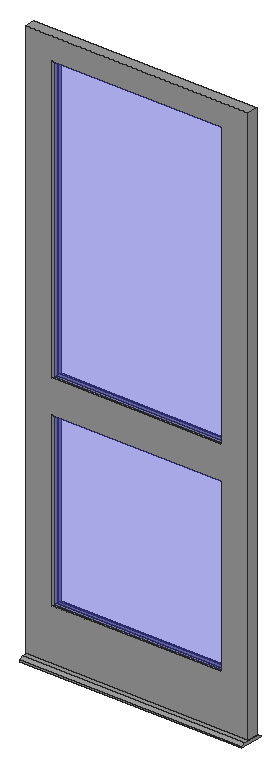
Revit family "MS-375 DOOR-VIP-1-SF_v04", category Doors, Revit 2015
Parameters
  Width [instance] = 3' - 2"
  VIP2 Panic Devices [instance] = not(VIP1 Panic Devices)  # yes
  VIP1 Panic Devices [instance] = no
  URL = "obe.com"
  Rough Width [instance] = 3' - 2"
  Panel Width [instance] = [Min-Max Rough Width]  # 3' - 2"
  Offset [instance] = 0' - 0"
  Model = "MS-375 DOOR"
  Min-Max Rough Width [instance] = if(and((Rough Width > 2' 11 255/256"), (Rough Width < 3' 6 1/256")), Rough Width, 3' 0")  # 3' - 2"
  Manufacturer = "Oldcastle BuildingEnvelope®"
  Keynote = "08 11 00"
  Hinge [instance] = yes
  Height [instance] = 8' - 0"
  Pushbar Height [instance] = 3' - 5 1/4"  # constant formula
  Glass Material = Glass
  Frame Material = Aluminum
  Door Panel Height [instance] = Height + 0' 0 17/32"  # 8' - 0 17/32"
  Description = "MS-375 - 1\" Door Infill"
  Assembly Code = "B2030"
  Analytic Construction = "<None>"
  8 Bottom Rail [instance] = yes
  10 Bottom Rail [instance] = not([8 Bottom Rail])  # no
Reference planes (in)
  plane 1 "Front": y = 0
  plane 2: z = 0
  plane 3 "Center (Left/Right)": x = 0
  plane 4 "Left": x = -19
  plane 5 "Right": x = 19
  plane 6 "Top": z = 96
  plane 7: x = -19
  plane 8: x = 19
Text (in)
  text "Exterior" at (-54.29358, 31.38743, 0), in view "Ref. Level"
  text "Exterior" at (480, 41.53993, 89.60405), in view "Right"
  text "Exterior" at (-240, 57.82419, 105.78864), in view "Left"
Dimensions and locks (in)
  equal spacing: plane 4 "Left", plane 3 "Center (Left/Right)", plane 5 "Right"
  "Width": plane 4 "Left" to plane 5 "Right"
  "Height": plane 6 "Top" to plane 2
  equal spacing: plane 7, plane 3 "Center (Left/Right)", plane 8
  "Min-Max Rough Width": plane 7 to plane 8
  aligned and locked: level to plane 2
  aligned and locked: plane 3 "Center (Left/Right)" to nested 1
  aligned and locked: plane 1 "Front" to nested 1
Nested families (in)
  nested 1: "MS-375 DOOR-VIP-1-Panel_v03" at (0, -16, 0), Frame Material <- "Frame Material", Glass Material <- "Glass Material", Hinge <- "Hinge", 8 Bottom Rail <- "8 Bottom Rail", VIP2 Panic Devices <- "VIP2 Panic Devices", Height <- "Door Panel Height", Width <- "Min-Max Rough Width", Offset <- "Offset", type "MS-375 DOOR-1-Panel"
    with built-in parameter 1001301 3' - 2", VIP2 Panic Devices yes, VIP1 Panic Devices no, Pushbar Height 3' - 5 1/4", Offset 0' - 0", Hinge yes, built-in parameter 1001300 8' - 0 17/32", Glass at Muntin 0' - 4 15/16", Glass Material Glass, Frame Material Aluminum, Bottom Rail 0' - 9 5/32", 8 Bottom Rail yes, 10 Bottom Rail no
Definition of nested family "MS-375 DOOR-VIP-1-Panel_v03"
  Parameters (values of type "MS-375 DOOR-1-Panel")
    Width [instance] = 4' - 0"
    VIP2 Panic Devices [instance] = no
    VIP1 Panic Devices [instance] = not(VIP2 Panic Devices)  # yes
    Offset [instance] = 0' - 11"
    Hinge [instance] = yes
    Height [instance] = 8' - 0"
    Glass at Muntin [instance] = if(VIP2 Panic Devices, 0' 4 15/16", 0' 8 15/16")  # 0' - 8 15/16"
    Pushbar Height [instance] = 3' - 5 1/4"  # constant formula
    Glass Material [instance] = none
    Frame Material [instance] = none
    Bottom Rail [instance] = if([10 Bottom Rail], 0' 11 5/32", 0' 9 5/32")  # 0' - 9 5/32"
    8 Bottom Rail [instance] = yes
    10 Bottom Rail [instance] = not([8 Bottom Rail])  # no
  Reference planes (in)
    plane 1 "00": y = 4.0625
    plane 2: z = 0
    plane 3 "Center (Left/Right)": x = 0
    plane 4: z = 96
    plane 5: x = 24
    plane 6: x = -24
    plane 7 "Center (Front/Back)": y = 16
    plane 8 "Exterior": y = 4.5625
    plane 9: z = 48
    plane 10: z = 92.96875
    plane 11: z = 92
    plane 12: z = 9.15625
    plane 13: z = 36.78125
    plane 14: z = 45.71875
    plane 15 "Offset": y = 5
    plane 16: z = 41.25
  Forms (in)
    Sweep 1, solid, material <- "Frame Material"
      path origin (0, 4.0625, 0) x (1, 0, 0) y (0, 0, 1)
        loop
          line (-23.79246, 96) -> (23.80279, 96)
      profile origin (0.00517, 4.0625, 96) x (0, 0, 1) y (0, -1, 0)
        loop
          line (-0.5, -0.875) -> (-0.5, 0.875) -> (-2.74593, 0.875) -> (-4.28125, 0.875) -> (-4.28125, 0.5) -> (-4, 0.5) -> (-4, -0.5) -> (-4.28125, -0.5) -> (-4.28125, -0.875) -> (-2.74593, -0.875) -> (-0.5, -0.875)
    Sweep 2, solid, material <- "Frame Material"
      path origin (0, 4.0625, 0) x (1, 0, 0) y (0, 0, 1)
        loop
          line (23.80279, 0) -> (-23.79246, 0)
      profile origin (0.00517, 4.0625, 0) x (0, 0, -1) y (0, -1, 0)
        loop
          line (-9.4375, -0.5) -> (-9.4375, -0.875) -> (-0.6875, -0.875) -> (-0.6875, 0.875) -> (-9.4375, 0.875) -> (-9.4375, 0.5) -> (-9.15625, 0.5) -> (-9.15625, -0.5) -> (-9.4375, -0.5)
        loop
          line (-0.5, -1.1555) -> (-0.19364, -1.8125) -> (-0.00001, -1.8125) -> (-0.00001, 2.1875) -> (-0.19364, 2.1875) -> (-0.5, 1.5305) -> (-0.5, -1.1555)
    Sweep 3, solid, material <- "Frame Material"
      path origin (0, 4.0625, 0) x (1, 0, 0) y (0, 0, 1)
        loop
          line (24, 95.5) -> (24, 0.6875)
      profile origin (24, 4.0625, 48.09375) x (0, -1, 0) y (1, 0, 0)
        loop
          line (-0.875, -0.08821) -> (-0.875, -2.20914) -> (-0.875, -4.58821) -> (-0.5, -4.58821) -> (-0.5, -4.30696) -> (0.5, -4.30696) -> (0.5, -4.58821) -> (0.875, -4.58821) -> (0.875, -2.20914) -> (0.875, -0.19721) -> (-0.875, -0.08821)
    Sweep 4, solid, material <- "Frame Material"
      path origin (0, 4.0625, 0) x (1, 0, 0) y (0, 0, 1)
        loop
          line (-24, 95.5) -> (-24, 0.6875)
      profile origin (-24, 4.0625, 48.09375) x (0, -1, 0) y (1, 0, 0)
        loop
          line (-0.875, 0.09854) -> (0.875, 0.20754) -> (0.875, 2.21947) -> (0.875, 4.59854) -> (0.5, 4.59854) -> (0.5, 4.31729) -> (-0.5, 4.31729) -> (-0.5, 4.59854) -> (-0.875, 4.59854) -> (-0.875, 2.21947) -> (-0.875, 0.09854)
    Sweep 5, solid, material <- "Frame Material"
      path origin (0, 4.0625, 0) x (1, 0, 0) y (0, 0, 1)
        loop
          line (23.80279, 48) -> (-23.79246, 48)
      profile origin (0.00517, 4.0625, 48) x (0, 0, -1) y (0, -1, 0)
        loop
          line (7.5, -0.875) -> (11.5, -0.875) -> (11.5, -0.5) -> (11.21875, -0.5) -> (11.21875, 0.5) -> (11.5, 0.5) -> (11.5, 0.875) -> (7.5, 0.875) -> (2, 0.875) -> (2, 0.5) -> (2.28125, 0.5) -> (2.28125, -0.5) -> (2, -0.5) -> (2, -0.875) -> (7.5, -0.875)
    Extrusion 6, solid, material <- "Glass Material", detail levels coarse
      sketch origin (0, 0, 0) x (1, 0, 0) y (0, 1, 0)
        loop
          line (-19.68271, 4.5625) -> (-19.68271, 3.5625) -> (19.69304, 3.5625) -> (19.69304, 4.5625) -> (-19.68271, 4.5625)
      from 45.71875 to 92
    Extrusion 7, solid, material <- "Glass Material", detail levels medium+fine
      sketch origin (0, 0, 0) x (1, 0, 0) y (0, 1, 0)
        loop
          line (-19.68271, 3.5912) -> (19.69304, 3.5912) -> (19.69304, 3.8392) -> (-19.68271, 3.8392) -> (-19.68271, 3.5912)
        loop
          line (19.69304, 4.5912) -> (-19.68271, 4.5912) -> (-19.68271, 4.3432) -> (19.69304, 4.3432) -> (19.69304, 4.5912)
      from 45.71875 to 92
    Extrusion 8, solid, material <- "Glass Material", detail levels coarse
      sketch origin (0, 0, 0) x (1, 0, 0) y (0, 1, 0)
        loop
          line (-19.68271, 4.5625) -> (-19.68271, 3.5625) -> (19.69304, 3.5625) -> (19.69304, 4.5625) -> (-19.68271, 4.5625)
      from 9.15625 to 36.78125
    Extrusion 9, solid, material <- "Glass Material", detail levels medium+fine
      sketch origin (0, 0, 0) x (1, 0, 0) y (0, 1, 0)
        loop
          line (-19.68271, 4.5625) -> (-19.68271, 4.3145) -> (19.69304, 4.3145) -> (19.69304, 4.5625) -> (-19.68271, 4.5625)
        loop
          line (-19.68271, 3.8105) -> (-19.68271, 3.5625) -> (19.69304, 3.5625) -> (19.69304, 3.8105) -> (-19.68271, 3.8105)
      from 9.15625 to 36.78125
  Cuts and joins
    joined: Sweep 1, Sweep 2, Sweep 3, Sweep 4, Sweep 5
  Lines and regions (in)
    model lines
      curve 1: line (19.41179, 4.5625, 91.71875) -> (-19.40146, 4.5625, 48)
      curve 2: line (19.41179, 4.5625, 9.4375) -> (-19.40146, 4.5625, 48)
  Dimensions and locks (in)
    "Width": plane 6 to plane 5
    "Offset": plane 15 "Offset" to plane 7 "Center (Front/Back)"
    equal spacing: level, plane 9, plane 4
    locked: Sweep 2 sketch curve to plane 6 at 0.20754
    locked: plane 5 to Sweep 2 sketch curve at 0.19721
    locked: Sweep 3 sketch curve to plane 4 at 0.5
    locked: Sweep 4 sketch curve to plane 4 at 0.5
    locked: Sweep 1 sketch curve to plane 6 at 0.20754
    locked: plane 5 to Sweep 1 sketch curve at 0.19721
    locked: plane 5 to Sweep 5 sketch curve at 0.19721
    locked: Sweep 5 sketch curve to plane 6 at 0.20754
    locked: plane 4 to plane 10 at 3.03125
    Extrusion 7 sketch curve to Extrusion 7 sketch curve to nested 1 to Extrusion 7 sketch curve to Extrusion 7 sketch curve = 0' - 0.248" locked, 0' - 0.252" locked, 0' - 0.252" locked, 0' - 0.248" locked
    Extrusion 6 sketch curve to plane 1 "00" to Extrusion 6 sketch curve = 0' - 0 1/2" locked, 0' - 0 1/2" locked
    Extrusion 8 sketch curve to plane 1 "00" to Extrusion 8 sketch curve = 0' - 0 1/2" locked, 0' - 0 1/2" locked
    Extrusion 9 sketch curve to Extrusion 9 sketch curve to plane 1 "00" to Extrusion 9 sketch curve to Extrusion 9 sketch curve = 0' - 0.248" locked, 0' - 0.252" locked, 0' - 0.252" locked, 0' - 0.248" locked
    "Glass at Muntin": plane 13 to plane 14
    locked: plane 11 to plane 4 at 4
    "Bottom Rail": plane 12 to plane 2
    "Height": plane 4 to plane 2
    locked: plane 14 to Sweep 5 sketch curve at 0.28125  (x2)
    locked: plane 12 to Sweep 2 sketch curve at 0.28125  (x2)
    locked: Sweep 5 sketch curve to plane 13 at 0.28125  (x2)
    equal spacing: plane 6, plane 3 "Center (Left/Right)", plane 5
    plane 1 "00" to plane 8 "Exterior" to plane 15 "Offset" = 0' - 0 1/2" locked, 0' - 0 7/16" locked
    equal spacing: plane 13, plane 16, plane 14
    "Pushbar Height": plane 16 to plane 2
    locked: plane 1 "00" to nested 1 at 0.0287
    locked: Sweep 4 sketch curve to plane 2 at 0.6875
    locked: Sweep 3 sketch curve to plane 2 at 0.6875
    aligned and locked: plane 2 to level
    aligned and locked: Sweep 1 sketch curve to plane 4
    aligned and locked: Sweep 2 sketch curve to level
    aligned and locked: level to nested 2
    aligned and locked: nested 2 to plane 1 "00"
    aligned and locked: plane 5 to Sweep 3 sketch curve
    aligned and locked: plane 6 to Sweep 4 sketch curve
    aligned and locked: Sweep 5 sketch curve to plane 9
    aligned and locked: Extrusion 7 to plane 11
    aligned and locked: Extrusion 6 to plane 11
    aligned and locked: plane 14 to Extrusion 7
    aligned and locked: plane 14 to Extrusion 6
    aligned and locked: Extrusion 8 to plane 13
    aligned and locked: Extrusion 9 to plane 13
    aligned and locked: plane 12 to Extrusion 9
    aligned and locked: plane 12 to Extrusion 8
    aligned and locked: plane 13 to cut or joined group of Sweep 1, Sweep 2, Sweep 3, Sweep 4, Sweep 5
    aligned and locked: plane 14 to Sweep 5 sketch curve
    aligned and locked: Sweep 5 sketch curve to plane 13
    aligned and locked: plane 12 to Sweep 2 sketch curve
    aligned and locked: cut or joined group of Sweep 1, Sweep 2, Sweep 3, Sweep 4, Sweep 5 to Extrusion 6
    aligned and locked: plane 3 "Center (Left/Right)" to nested 1
  Automatic sketch dimensions
    plane 1 "00" to Sweep 1 sketch curve = 0' - 0 1/2"
    Sweep 1 sketch curve to plane 1 "00" = 0' - 0 1/2"
    Sweep 1 sketch curve to Sweep 1 sketch curve = 0' - 0 9/32"
    Sweep 1 sketch curve to Sweep 1 sketch curve = 0' - 1.25407"  (x2)
    profile plane to Sweep 1 sketch curve = 0' - 0 1/2"
    Sweep 1 sketch curve to plane 1 "00" = 0' - 0 7/8"
    Sweep 1 sketch curve to Sweep 1 sketch curve = 0' - 0 3/8"
    plane 1 "00" to Sweep 2 sketch curve = 0' - 0 7/8"
    profile plane to Sweep 2 sketch curve = 0' - 0 1/2"
    profile plane to Sweep 2 sketch curve = 0' - 0.19364"  (x2)
    profile plane to Sweep 2 sketch curve = 0' - 0"
    Sweep 2 sketch curve to Sweep 2 sketch curve = 0' - 0 3/8"
    Sweep 2 sketch curve to plane 1 "00" = 0' - 0 1/2"
    Sweep 2 sketch curve to plane 1 "00" = 0' - 0 7/8"
    Sweep 2 sketch curve to Sweep 2 sketch curve = 0' - 0.657"  (x2)
    Sweep 2 sketch curve to Sweep 2 sketch curve = 0' - 0.6555"
    Sweep 3 sketch curve to plane 1 "00" = 0' - 0 7/8"
    Sweep 3 sketch curve to Sweep 3 sketch curve = 0' - 0 3/8"  (x2)
    plane 1 "00" to Sweep 3 sketch curve = 0' - 0 1/2"
    profile plane to Sweep 3 sketch curve = 0' - 4.58821"
    Sweep 3 sketch curve to Sweep 3 sketch curve = 0' - 0"  (x2)
    Sweep 3 sketch curve to Sweep 3 sketch curve = 0' - 0 9/32"
    Sweep 3 sketch curve to Sweep 3 sketch curve = 0' - 2.09782"
    profile plane to Sweep 3 sketch curve = 0' - 0.19721"
    profile plane to Sweep 3 sketch curve = 0' - 0.08821"
    Sweep 1 sketch curve to Sweep 1 sketch curve = 0' - 0"
    Sweep 1 sketch curve to Sweep 1 sketch curve = 0' - 2.24593"
    Sweep 4 sketch curve to plane 1 "00" = 0' - 0 7/8"
    Sweep 4 sketch curve to Sweep 4 sketch curve = 0' - 0 3/8"
    plane 1 "00" to Sweep 4 sketch curve = 0' - 0 1/2"
    plane 1 "00" to Sweep 4 sketch curve = 0' - 0 7/8"
    Sweep 4 sketch curve to profile plane = 0' - 0.09854"
    Sweep 4 sketch curve to profile plane = 0' - 0.20754"
    Sweep 4 sketch curve to Sweep 4 sketch curve = 0' - 2.12093"
    Sweep 4 sketch curve to Sweep 4 sketch curve = 0' - 0"
    Sweep 4 sketch curve to Sweep 4 sketch curve = 0' - 2.09782"
    Sweep 4 sketch curve to Sweep 4 sketch curve = 0' - 0 9/32"  (x2)
    Sweep 5 sketch curve to plane 1 "00" = 0' - 0 7/8"
    Sweep 5 sketch curve to Sweep 5 sketch curve = 0' - 3 23/32"
    plane 1 "00" to Sweep 5 sketch curve = 0' - 0 7/8"
    Sweep 5 sketch curve to Sweep 5 sketch curve = 0' - 0"
    Sweep 5 sketch curve to Sweep 5 sketch curve = 0' - 0 3/8"  (x4)
    plane 6 to Extrusion 6 sketch curve = 0' - 4.31729"
    Extrusion 6 sketch curve to plane 5 = 0' - 4.30696"
    plane 6 to Extrusion 7 sketch curve = 0' - 4.31729"
    Extrusion 7 sketch curve to Extrusion 7 sketch curve = 0' - 0"  (x2)
    Extrusion 7 sketch curve to plane 5 = 0' - 4.30696"
    plane 6 to Extrusion 8 sketch curve = 0' - 4.31729"
    Extrusion 8 sketch curve to plane 5 = 0' - 4.30696"
    plane 6 to Extrusion 9 sketch curve = 0' - 4.31729"
    Extrusion 9 sketch curve to Extrusion 9 sketch curve = 0' - 0"  (x2)
    Extrusion 9 sketch curve to plane 5 = 0' - 4.30696"
    curve 1 to plane 9 = 0' - 0"
    plane 6 to curve 1 = 0' - 4.59854"
    curve 2 to plane 12 = 0' - 0 9/32"
    curve 2 to plane 5 = 0' - 4.58821"
    plane 11 to curve 1 = 0' - 0 9/32"
    curve 1 to plane 5 = 0' - 4.58821"
    Sweep 2 sketch curve to Sweep 2 sketch curve = 0' - 0 3/16"
    Sweep 2 sketch curve to Sweep 2 sketch curve = 0' - 0.2805"
  Nested families (in)
    nested 1: "MS-375 DOOR-VIP-1-Plan View" at (0, 4.0912, 0), Hinge <- "Hinge", Width <- "Width", type "MS-375 DOOR-VIP-1-Plan View"
      with Width 4' - 0", Hinge yes
    nested 2: "MS-375 DOOR-VIP-1-Section_v02" at (0, 4.0625, 0) x (0, -1, 0) z (1, 0, 0), Height <- "Height", 8 Bottom Rail <- "8 Bottom Rail", VIP 1 Panic Devices <- "VIP1 Panic Devices", type "MS-375 DOOR-VIP-1-Section_v02"
      with VIP 2 Panic Devices no, VIP 1 Panic Devices yes, Pushbar Height 3' - 5 1/4", Height 8' - 0", Glass at Muntins 0' - 8 15/16", Bottom Rail 0' - 9 5/32", 8 Bottom Rail yes, 10 Bottom Rail no
  Definition of nested family "MS-375 DOOR-VIP-1-Plan View"
    Parameters (values of type "MS-375 DOOR-VIP-1-Plan View")
      Width [instance] = 4' - 0"
      Hinge [instance] = yes
    Reference planes (in)
      plane 1 "Center (Front/Back)": y = 0
      plane 2: z = 0
      plane 3 "Center (Left/Right)": x = 0
      plane 4: x = -24
      plane 5: x = 24
      plane 6: x = 22.68437
      plane 7: y = 48
    Lines and regions (in)
      detail lines, in view "Ref. Level"
        curve 1: arc (-23.98978, -0.97462, 0) -> (-10.44661, 33.42753, 0) -> (23.53345, 47.99741, 0) r 47.99968
        curve 6: line (22.18437, 43.6803, 0) -> (22.18437, 5.66175, 0)
        curve 15: line (23.18437, 43.6803, 0) -> (23.18437, 5.66175, 0)
      detail lines, in view "Ref. Level", not visible
        curve 2: line (-19.6875, 0.5, 0) -> (19.68825, 0.5, 0)
        curve 3: line (19.68825, 0.252, 0) -> (-19.6875, 0.252, 0)
        curve 4: line (-19.6875, -0.252, 0) -> (19.68825, -0.252, 0)
        curve 5: line (19.68825, -0.5, 0) -> (-19.6875, -0.5, 0)
      detail lines, in view "Ref. Level", detail levels fine
        curve 7: line (22.24637, 43.6803, 0) -> (22.24637, 5.66175, 0)
        curve 8: line (22.30837, 43.6803, 0) -> (22.30837, 5.66175, 0)
        curve 9: line (22.37037, 43.6803, 0) -> (22.37037, 5.66175, 0)
        curve 12: line (22.99837, 43.6803, 0) -> (22.99837, 5.66175, 0)
        curve 13: line (23.06037, 43.6803, 0) -> (23.06037, 5.66175, 0)
        curve 14: line (23.12237, 43.6803, 0) -> (23.12237, 5.66175, 0)
      detail lines, in view "Ref. Level", detail levels medium+fine
        curve 10: line (22.43237, 43.6803, 0) -> (22.43237, 5.66175, 0)
        curve 11: line (22.93637, 43.6803, 0) -> (22.93637, 5.66175, 0)
    Dimensions and locks (in)
      "Width": plane 4 to plane 5
      equal spacing: plane 4, plane 3 "Center (Left/Right)", plane 5
      locked: plane 5 to plane 6 at 1.31563
      "Width": plane 7 to plane 1 "Center (Front/Back)"
      locked: plane 1 "Center (Front/Back)" to nested 3 at 0.9
      locked: plane 5 to nested 4 at 2.25
      locked: nested 5 to plane 4 at 2.24925
      locked: nested 2 to plane 7 at 2.24205
      locked: plane 5 to nested 1 at 2.25
      aligned and locked: nested 1 to plane 1 "Center (Front/Back)"
      aligned and locked: nested 2 to plane 6
      aligned and locked: plane 6 to nested 3
      aligned and locked: nested 5 to plane 1 "Center (Front/Back)"
      aligned and locked: plane 1 "Center (Front/Back)" to nested 4
      aligned and locked: nested 2 to curve 11
      aligned and locked: nested 2 to curve 12
      aligned and locked: nested 2 to curve 13
      aligned and locked: nested 2 to curve 14
      aligned and locked: nested 2 to curve 15
      aligned and locked: nested 2 to curve 10
      aligned and locked: nested 2 to curve 9
      aligned and locked: nested 2 to curve 8
      aligned and locked: nested 2 to curve 7
      aligned and locked: curve 6 to nested 2
      aligned and locked: nested 3 to curve 10
      aligned and locked: nested 3 to curve 9
      aligned and locked: nested 3 to curve 8
      aligned and locked: nested 3 to curve 7
      aligned and locked: curve 6 to nested 3
      aligned and locked: nested 3 to curve 11
      aligned and locked: nested 3 to curve 12
      aligned and locked: nested 3 to curve 13
      aligned and locked: nested 3 to curve 14
      aligned and locked: nested 3 to curve 15
      aligned and locked: nested 4 to curve 2
      aligned and locked: nested 4 to curve 3
      aligned and locked: nested 4 to curve 4
      aligned and locked: curve 5 to nested 4
      aligned and locked: nested 5 to curve 2
      aligned and locked: nested 5 to curve 3
      aligned and locked: nested 5 to curve 4
      aligned and locked: curve 5 to nested 5
    Automatic sketch dimensions
      plane 1 "Center (Front/Back)" to curve 1 = 0' - 0"
      curve 1 to plane 5 = 0' - 0"
      plane 4 to curve 1 = 0' - 0.01022"
      plane 6 to curve 6 = 0' - 0 1/2"
      curve 6 to curve 7 = 0' - 0.062"
      curve 7 to curve 8 = 0' - 0.062"
      curve 8 to curve 9 = 0' - 0.062"
      curve 9 to curve 10 = 0' - 0.062"
      curve 11 to plane 6 = 0' - 0.252"
      curve 11 to curve 12 = 0' - 0.062"
      curve 12 to curve 13 = 0' - 0.062"
      curve 13 to curve 14 = 0' - 0.062"
      curve 14 to curve 15 = 0' - 0.062"
      curve 1 to plane 7 = 0' - 0.00259"
      curve 1 to plane 5 = 0' - 0.46655"
      plane 1 "Center (Front/Back)" to curve 4 = 0' - 0.252"
      curve 5 to curve 4 = 0' - 0.248"
      curve 3 to plane 1 "Center (Front/Back)" = 0' - 0.252"
      curve 3 to curve 2 = 0' - 0.248"
    Nested families (in)
      nested 1: "HINGE-DI" at (26.25, 0, 0) x (-1, 0, 0) z (0, 0, 1), visible <- "Hinge", type "HINGE-DI", in view "Ref. Level"
      nested 2: "HINGE-HD-DI" at (22.68437, 50.24205, 0) x (0, 1, 0) z (0, 0, 1), type "HINGE-HD-DI", in view "Ref. Level"
      nested 3: "HINGE-HD-DI" at (22.68437, -0.9, 0) x (0, -1, 0) z (0, 0, 1), type "HINGE-HD-DI", in view "Ref. Level"
      nested 4: "HINGE-HD-DI" at (26.25, 0, 0), type "HINGE-HD-DI", in view "Ref. Level", not visible
      nested 5: "HINGE-HD-DI" at (-26.24925, 0, 0) x (-1, 0, 0) z (0, 0, 1), type "HINGE-HD-DI", in view "Ref. Level", not visible
    Definition of nested family "HINGE-DI"
      Reference planes (in)
        plane 1 "Center (Front/Back)": y = 0
        plane 2: z = 0
        plane 3 "Center (Left/Right)": x = 0
    Definition of nested family "HINGE-HD-DI"
      Reference planes (in)
        plane 1 "Center (Front/Back)": y = 0
        plane 2: z = 0
        plane 3 "Center (Left/Right)": x = 0
      Lines and regions (in)
        detail lines, in view "Ref. Level"
          curve 1: line (-2.452, 0.875, 0) -> (-6.843, 0.875, 0)
          curve 2: line (-6.843, 0.875, 0) -> (-6.843, 0.5, 0)
          curve 3: line (-6.843, 0.5, 0) -> (-6.56175, 0.5, 0)
          curve 4: line (-6.56175, 0.5, 0) -> (-6.56175, -0.5, 0)
          curve 5: line (-6.56175, -0.5, 0) -> (-6.843, -0.5, 0)
          curve 6: line (-6.843, -0.5, 0) -> (-6.843, -0.875, 0)
          curve 7: line (-6.843, -0.875, 0) -> (-2.343, -0.875, 0)
          curve 8: line (-2.343, -0.875, 0) -> (-2.452, 0.875, 0)
  Definition of nested family "MS-375 DOOR-VIP-1-Section_v02"
    Parameters (values of type "MS-375 DOOR-VIP-1-Section_v02")
      VIP 2 Panic Devices [instance] = not(VIP 1 Panic Devices)  # no
      VIP 1 Panic Devices [instance] = yes
      Height [instance] = 8' - 0"
      Glass at Muntins [instance] = if(VIP 2 Panic Devices, 0' 4 15/16", 0' 8 15/16")  # 0' - 8 15/16"
      Pushbar Height [instance] = 3' - 5 1/4"  # constant formula
      Bottom Rail [instance] = if([10 Bottom Rail], 0' 11 5/32", 0' 9 5/32")  # 0' - 11 5/32"
      10 Bottom Rail [instance] = not([8 Bottom Rail])  # yes
      8 Bottom Rail [instance] = no
    Reference planes (in)
      plane 1 "Center (Front/Back)": y = 0
      plane 2: z = 0
      plane 3 "Center (Left/Right)": x = 0
      plane 4: y = 11.15625
      plane 5: y = 91.99987
      plane 6: y = 96
      plane 7: y = 45.71875
      plane 8: y = 36.78125
      plane 9: y = 46
      plane 10: y = 41.25
      plane 11: y = 44
    Lines and regions (in)
      detail lines, in view "Ref. Level"
        curve 1: line (-0.5, 91.99987, 0) -> (-0.5, 45.71875, 0)
        curve 10: line (0.5, 91.99987, 0) -> (0.5, 45.71875, 0)
        curve 11: line (-0.5, 36.78125, 0) -> (-0.5, 11.15625, 0)
        curve 20: line (0.5, 36.78125, 0) -> (0.5, 11.15625, 0)
      detail lines, in view "Ref. Level", detail levels fine
        curve 2: line (-0.438, 91.99987, 0) -> (-0.438, 45.71875, 0)
        curve 3: line (-0.376, 91.99987, 0) -> (-0.376, 45.71875, 0)
        curve 4: line (-0.314, 91.99987, 0) -> (-0.314, 45.71875, 0)
        curve 7: line (0.314, 91.99987, 0) -> (0.314, 45.71875, 0)
        curve 8: line (0.376, 91.99987, 0) -> (0.376, 45.71875, 0)
        curve 9: line (0.438, 91.99987, 0) -> (0.438, 45.71875, 0)
        curve 12: line (-0.438, 36.78125, 0) -> (-0.438, 11.15625, 0)
        curve 13: line (-0.376, 36.78125, 0) -> (-0.376, 11.15625, 0)
        curve 14: line (-0.314, 36.78125, 0) -> (-0.314, 11.15625, 0)
        curve 17: line (0.314, 36.78125, 0) -> (0.314, 11.15625, 0)
        curve 18: line (0.376, 36.78125, 0) -> (0.376, 11.15625, 0)
        curve 19: line (0.438, 36.78125, 0) -> (0.438, 11.15625, 0)
      detail lines, in view "Ref. Level", detail levels medium+fine
        curve 5: line (-0.252, 91.99987, 0) -> (-0.252, 45.71875, 0)
        curve 6: line (0.252, 91.99987, 0) -> (0.252, 45.71875, 0)
        curve 15: line (-0.252, 36.78125, 0) -> (-0.252, 11.15625, 0)
        curve 16: line (0.252, 36.78125, 0) -> (0.252, 11.15625, 0)
    Dimensions and locks (in)
      "Bottom Rail": plane 4 to plane 1 "Center (Front/Back)"
      "Height": plane 6 to plane 1 "Center (Front/Back)"
      "Glass at Muntins": plane 8 to plane 7
      nested 1 to plane 6 to plane 5 = 0' - 3.09362" locked, 0' - 4.00013" locked
      equal spacing: plane 8, plane 10, plane 7
      "Pushbar Height": plane 1 "Center (Front/Back)" to plane 10
      plane 10 to plane 11 to plane 9 = 0' - 2 3/4" locked, 0' - 2" locked
      aligned and locked: plane 3 "Center (Left/Right)" to nested 1
      aligned and locked: plane 3 "Center (Left/Right)" to nested 2
      aligned and locked: plane 3 "Center (Left/Right)" to nested 3
      aligned and locked: plane 3 "Center (Left/Right)" to nested 4
      aligned and locked: plane 3 "Center (Left/Right)" to nested 5
      aligned and locked: plane 1 "Center (Front/Back)" to nested 2
      aligned and locked: plane 5 to curve 1
      aligned and locked: plane 5 to curve 2
      aligned and locked: plane 5 to curve 3
      aligned and locked: plane 5 to curve 4
      aligned and locked: plane 5 to curve 5
      aligned and locked: plane 5 to curve 6
      aligned and locked: plane 5 to curve 7
      aligned and locked: plane 5 to curve 8
      aligned and locked: plane 5 to curve 9
      aligned and locked: plane 5 to curve 10
      aligned and locked: plane 7 to curve 1
      aligned and locked: plane 7 to curve 2
      aligned and locked: plane 7 to curve 3
      aligned and locked: plane 7 to curve 4
      aligned and locked: plane 7 to curve 5
      aligned and locked: plane 7 to curve 6
      aligned and locked: plane 7 to curve 7
      aligned and locked: plane 7 to curve 8
      aligned and locked: plane 7 to curve 9
      aligned and locked: plane 7 to curve 10
      aligned and locked: plane 4 to curve 11
      aligned and locked: plane 4 to curve 12
      aligned and locked: plane 4 to curve 13
      aligned and locked: plane 4 to curve 14
      aligned and locked: plane 4 to curve 15
      aligned and locked: plane 4 to curve 16
      aligned and locked: plane 4 to curve 17
      aligned and locked: plane 4 to curve 18
      aligned and locked: plane 4 to curve 19
      aligned and locked: plane 4 to curve 20
      aligned and locked: plane 8 to curve 20
      aligned and locked: plane 8 to curve 19
      aligned and locked: plane 8 to curve 18
      aligned and locked: plane 8 to curve 17
      aligned and locked: plane 8 to curve 16
      aligned and locked: plane 8 to curve 15
      aligned and locked: plane 8 to curve 14
      aligned and locked: plane 8 to curve 13
      aligned and locked: plane 8 to curve 12
      aligned and locked: plane 8 to curve 11
      aligned and locked: plane 5 to nested 1  (x11)
      aligned and locked: plane 1 "Center (Front/Back)" to nested 3
      aligned and locked: plane 9 to nested 4
      aligned and locked: plane 11 to nested 5
    Automatic sketch dimensions
      curve 1 to plane 3 "Center (Left/Right)" = 0' - 0 1/2"
      curve 11 to plane 3 "Center (Left/Right)" = 0' - 0 1/2"
      curve 1 to curve 2 = 0' - 0.062"
      curve 11 to curve 12 = 0' - 0.062"
      curve 2 to curve 3 = 0' - 0.062"
      curve 12 to curve 13 = 0' - 0.062"
      curve 13 to curve 14 = 0' - 0.062"
      curve 3 to curve 4 = 0' - 0.062"
      curve 4 to curve 5 = 0' - 0.062"
      curve 14 to curve 15 = 0' - 0.062"
      plane 3 "Center (Left/Right)" to curve 6 = 0' - 0.252"
      plane 3 "Center (Left/Right)" to curve 16 = 0' - 0.252"
      curve 6 to curve 7 = 0' - 0.062"
      curve 16 to curve 17 = 0' - 0.062"
      curve 17 to curve 18 = 0' - 0.062"
      curve 7 to curve 8 = 0' - 0.062"
      curve 8 to curve 9 = 0' - 0.062"
      curve 18 to curve 19 = 0' - 0.062"
      curve 9 to curve 10 = 0' - 0.062"
      curve 19 to curve 20 = 0' - 0.062"
    Nested families (in)
      nested 1: "TOP RAIL-DI" at (0, 99.09362, 0), type "TOP RAIL-DI", in view "Ref. Level"
      nested 2: "8 BOT RAIL-DI" at (0, 9.4375, 0), visible <- "8 Bottom Rail", type "4 BOT RAIL-DI", in view "Ref. Level"
      nested 3: "10 BOT RAIL-DI" at (0, 11.4375, 0), visible <- "10 Bottom Rail", type "6.5 BOT RAIL-DI", in view "Ref. Level"
      nested 4: "MIDRAIL-VIP1-DI" at (0, 46, 0), visible <- "VIP 1 Panic Devices", type "MIDRAIL-VIP1-DI", in view "Ref. Level"
      nested 5: "MIDRAIL-VIP2-DI" at (0, 44, 0), visible <- "VIP 2 Panic Devices", type "MIDRAIL-VIP2-DI", in view "Ref. Level"
    Definition of nested family "TOP RAIL-DI"
      Reference planes (in)
        plane 1 "Center (Front/Back)": y = 0
        plane 2: z = 0
        plane 3 "Center (Left/Right)": x = 0
      Lines and regions (in)
        detail lines, in view "Ref. Level"
          curve 1: line (-0.875, -3.625, 0) -> (0.875, -3.625, 0)
          curve 2: line (0.875, -3.625, 0) -> (0.875, -7.375, 0)
          curve 3: line (0.875, -7.375, 0) -> (0.5, -7.375, 0)
          curve 4: line (0.5, -7.375, 0) -> (0.5, -7.09375, 0)
          curve 5: line (0.5, -7.09375, 0) -> (-0.5, -7.09375, 0)
          curve 6: line (-0.5, -7.09375, 0) -> (-0.5, -7.375, 0)
          curve 7: line (-0.5, -7.375, 0) -> (-0.875, -7.375, 0)
          curve 8: line (-0.875, -7.375, 0) -> (-0.875, -3.625, 0)
    Definition of nested family "8 BOT RAIL-DI"
      Reference planes (in)
        plane 1 "Center (Front/Back)": y = 0
        plane 2: z = 0
        plane 3 "Center (Left/Right)": x = 0
      Lines and regions (in)
        detail lines, in view "Ref. Level"
          curve 1: line (-0.875, 0, 0) -> (-0.5, 0, 0)
          curve 2: line (-0.5, 0, 0) -> (-0.5, -0.28125, 0)
          curve 3: line (-0.5, -0.28125, 0) -> (0.5, -0.28125, 0)
          curve 4: line (0.5, -0.28125, 0) -> (0.5, 0, 0)
          curve 5: line (0.5, 0, 0) -> (0.875, 0, 0)
          curve 6: line (0.875, 0, 0) -> (0.875, -8.75, 0)
          curve 7: line (0.875, -8.75, 0) -> (-0.875, -8.75, 0)
          curve 8: line (-0.875, -8.75, 0) -> (-0.875, 0, 0)
          curve 9: line (-1.1555, -8.9375, 0) -> (-1.8125, -9.24386, 0)
          curve 10: line (-1.8125, -9.24386, 0) -> (-1.8125, -9.43749, 0)
          curve 11: line (-1.8125, -9.43749, 0) -> (2.1875, -9.43749, 0)
          curve 12: line (2.1875, -9.43749, 0) -> (2.1875, -9.24386, 0)
          curve 13: line (2.1875, -9.24386, 0) -> (1.5305, -8.9375, 0)
          curve 14: line (1.5305, -8.9375, 0) -> (-1.1555, -8.9375, 0)
    Definition of nested family "10 BOT RAIL-DI"
      Reference planes (in)
        plane 1 "Center (Front/Back)": y = 0
        plane 2: z = 0
        plane 3 "Center (Left/Right)": x = 0
      Lines and regions (in)
        detail lines, in view "Ref. Level"
          curve 1: line (-0.875, 0, 0) -> (-0.5, 0, 0)
          curve 2: line (-0.5, 0, 0) -> (-0.5, -0.28125, 0)
          curve 3: line (-0.5, -0.28125, 0) -> (0.5, -0.28125, 0)
          curve 4: line (0.5, -0.28125, 0) -> (0.5, 0, 0)
          curve 5: line (0.5, 0, 0) -> (0.875, 0, 0)
          curve 6: line (0.875, 0, 0) -> (0.875, -10.75, 0)
          curve 7: line (0.875, -10.75, 0) -> (-0.875, -10.75, 0)
          curve 8: line (-0.875, -10.75, 0) -> (-0.875, 0, 0)
          curve 9: line (2.1875, -11.24386, 0) -> (1.5305, -10.9375, 0)
          curve 10: line (1.5305, -10.9375, 0) -> (-1.1555, -10.9375, 0)
          curve 11: line (-1.1555, -10.9375, 0) -> (-1.8125, -11.24386, 0)
          curve 12: line (-1.8125, -11.24386, 0) -> (-1.8125, -11.43749, 0)
          curve 13: line (-1.8125, -11.43749, 0) -> (2.1875, -11.43749, 0)
          curve 14: line (2.1875, -11.43749, 0) -> (2.1875, -11.24386, 0)
    Definition of nested family "MIDRAIL-VIP1-DI"
      Reference planes (in)
        plane 1 "Center (Front/Back)": y = 0
        plane 2: z = 0
        plane 3 "Center (Left/Right)": x = 0
      Lines and regions (in)
        detail lines, in view "Ref. Level"
          curve 1: line (-0.875, 0, 0) -> (-0.5, 0, 0)
          curve 2: line (-0.5, 0, 0) -> (-0.5, -0.28125, 0)
          curve 3: line (-0.5, -0.28125, 0) -> (0.5, -0.28125, 0)
          curve 4: line (0.5, -0.28125, 0) -> (0.5, 0, 0)
          curve 5: line (0.5, 0, 0) -> (0.875, 0, 0)
          curve 6: line (0.875, 0, 0) -> (0.875, -9.5, 0)
          curve 7: line (0.875, -9.5, 0) -> (0.5, -9.5, 0)
          curve 8: line (0.5, -9.5, 0) -> (0.5, -9.21875, 0)
          curve 9: line (0.5, -9.21875, 0) -> (-0.5, -9.21875, 0)
          curve 10: line (-0.5, -9.21875, 0) -> (-0.5, -9.5, 0)
          curve 11: line (-0.5, -9.5, 0) -> (-0.875, -9.5, 0)
          curve 12: line (-0.875, -9.5, 0) -> (-0.875, 0, 0)
    Definition of nested family "MIDRAIL-VIP2-DI"
      Reference planes (in)
        plane 1 "Center (Front/Back)": y = 0
        plane 2: z = 0
        plane 3 "Center (Left/Right)": x = 0
      Lines and regions (in)
        detail lines, in view "Ref. Level"
          curve 1: line (-0.875, 0, 0) -> (-0.5, 0, 0)
          curve 2: line (-0.5, 0, 0) -> (-0.5, -0.28125, 0)
          curve 3: line (-0.5, -0.28125, 0) -> (0.5, -0.28125, 0)
          curve 4: line (0.5, -0.28125, 0) -> (0.5, 0, 0)
          curve 5: line (0.5, 0, 0) -> (0.875, 0, 0)
          curve 6: line (0.875, 0, 0) -> (0.875, -5.5, 0)
          curve 7: line (0.875, -5.5, 0) -> (0.5, -5.5, 0)
          curve 8: line (0.5, -5.5, 0) -> (0.5, -5.21875, 0)
          curve 9: line (0.5, -5.21875, 0) -> (-0.5, -5.21875, 0)
          curve 10: line (-0.5, -5.21875, 0) -> (-0.5, -5.5, 0)
          curve 11: line (-0.5, -5.5, 0) -> (-0.875, -5.5, 0)
          curve 12: line (-0.875, -5.5, 0) -> (-0.875, 0, 0)
